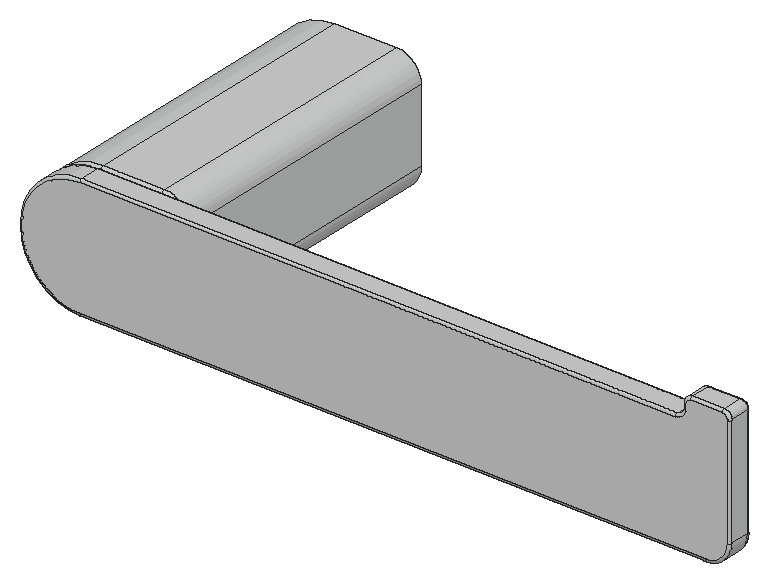
Revit family "ToiletRollHolder_SurfaceMount_Abey_Vela", category Specialty Equipment, Revit 2021
Family settings
  Round Connector Dimension = Use Diameter
  Part Type = Normal
  OmniClass Number = 23.31.25.21
  OmniClass Title = Toilet Paper Dispensers
  Work Plane-Based = No
  Always vertical = Yes
  Cut with Voids When Loaded = No
  Shared = No
  Room Calculation Point = No
Parameters (values of type "Chrome (VTRH)")
  Uniclass2015Version = "Products v1.33"
  Uniclass2015Title = "Paper roll dispensers"
  Uniclass2015Code = "Pr_40_70_22_61"
  URL = "https://www.abey.com.au/"
  Type Comments = "Chrome"
  ModifiedIssue = 20241025
  Model = "VTRH"
  ManufacturerURLProductSpecific = "https://www.abey.com.au/product/bathroom/bathroom-accessories/vela-bathroom-accessories/vela-toilet-roll-holder/?attribute_pa_finish=chrome"
  ManufacturerSpecCode = Model  # "VTRH"
  ManufacturerOverallWidth = 145 mm  # constant formula
  ManufacturerOverallHeight = 29 mm  # constant formula
  ManufacturerOverallDepth = 65 mm  # constant formula
  ManufacturerHeightFromFFL [instance] = 850 mm
  Manufacturer = "Abey"
  IfcExportType = "NOTDEFINED"
  IfcExportAs = "IfcFurniture"
  Description = "Vela Toilet Roll Holder Chrome"
  Default Elevation = 0 mm
  CreatedByURL = "https://igsgroup.com.au"
  CreatedBy = "IGS BIM Solutions"  # constant formula
  Material = Metal_Abey_Chrome
  Assembly Code = "C1030210"
Types (5, lengths in mm): name | Type Comments | Model | ManufacturerURLProductSpecific | ManufacturerSpecCode | Description | Material
  Chrome (VTRH) | "Chrome" | "VTRH" | "https://www.abey.com.au/product/bathroom/bathroom-accessories/vela-bathroom-accessories/vela-toilet-roll-holder/?attribute_pa_finish=chrome" | "VTRH" | "Vela Toilet Roll Holder Chrome" | Metal_Abey_Chrome
  Black (VTRH-B) | "Black" | "VTRH-B" | "https://www.abey.com.au/product/bathroom/bathroom-accessories/vela-bathroom-accessories/vela-toilet-roll-holder/?attribute_pa_finish=black" | "VTRH-B" | "Vela Toilet Roll Holder Black" | Metal_Abey_Black
  Brushed Brass (VTRH-BB) | "Brushed Brass" | "VTRH-BB" | "https://www.abey.com.au/product/bathroom/bathroom-accessories/vela-bathroom-accessories/vela-toilet-roll-holder/?attribute_pa_finish=brushed-brass" | "VTRH-BB" | "Vela Toilet Roll Holder Brushed Brass" | Metal_Abey_Brass
  Gun Metal (VTRH-GM) | "Gun Metal" | "VTRH-GM" | "https://www.abey.com.au/product/bathroom/bathroom-accessories/vela-bathroom-accessories/vela-toilet-roll-holder/?attribute_pa_finish=gun-metal" | "VTRH-GM" | "Vela Toilet Roll Holder Gun Metal" | Metal_Abey_GunMetal
  Brushed Nickel (VTRH-BN) | "Brushed Nickel" | "VTRH-BN" | "https://www.abey.com.au/product/bathroom/bathroom-accessories/vela-bathroom-accessories/vela-toilet-roll-holder/?attribute_pa_finish=brushed-nickel-pvd" | "VTRH-BN" | "Vela Toilet Roll Holder Brushed Nickel" | Metal_Abey_BrushedNickel
Reference planes
  plane 1 "Ref. Level": z = 0
  plane 2 "Right": x = -745
  plane 3 "Back": y = 43.5
  plane 4 "Front": y = -21.5
  plane 5 "Left": x = -890
  plane 6 "Bottom": z = 837.5
  plane 7 "MountingHeight": z = 850
  plane 8 "Top": z = 866.5
  plane 9 "Center (Left/Right)": x = -817.5
Forms (mm)
  Extrusion 1, solid, material "Metal_Abey_Chrome" <- "Material"
    sketch origin (-15, 43.5, 0) x (1, 0, 0) y (0, 0, 1)
      loop
        arc (-862.5, 862.5) -> (-875, 850) -> (-862.5, 837.5) r 12.5
        line (-862.5, 837.5) -> (-850, 837.5)
        arc (-850, 837.5) -> (-846.464, 838.964) -> (-845, 842.5) r 5
        line (-845, 842.5) -> (-845, 857.5)
        arc (-845, 857.5) -> (-846.464, 861.036) -> (-850, 862.5) r 5
        line (-850, 862.5) -> (-862.5, 862.5)
    from 0 to 60
  Sweep 2, void
    path origin (-15, -21.5, 0) x (1, 0, 0) y (0, 0, 1)
      loop
        line (-850, 862.5) -> (-862.5, 862.5)
        arc (-862.5, 862.5) -> (-875, 850) -> (-862.5, 837.5) r 12.5
        line (-862.5, 837.5) -> (-850, 837.5)
        arc (-850, 837.5) -> (-846.464, 838.964) -> (-845, 842.5) r 5
        line (-845, 842.5) -> (-845, 857.5)
        arc (-845, 857.5) -> (-846.464, 861.036) -> (-850, 862.5) r 5
    profile origin (-871.25, -21.5, 862.5) x (0, 0, -1) y (0, -1, 0)
      loop
        line (0, -5) -> (0, -6)
        arc (0, -6) -> (0.293, -5.293) -> (1, -5) r 1
        line (1, -5) -> (0, -5)
  Sweep 3, solid, material "Metal_Abey_Chrome" <- "Material"
    path origin (-15, -21.5, 0) x (1, 0, 0) y (0, 0, 1)
      loop
        line (-741, 862.5) -> (-862.5, 862.5)
        arc (-862.5, 862.5) -> (-875, 850) -> (-862.5, 837.5) r 12.5
        line (-862.5, 837.5) -> (-735, 837.5)
        arc (-735, 837.5) -> (-731.464, 838.964) -> (-730, 842.5) r 5
        line (-730, 842.5) -> (-730, 865)
        arc (-730, 865) -> (-730.439, 866.061) -> (-731.5, 866.5) r 1.5
        line (-731.5, 866.5) -> (-738, 866.5)
        arc (-738, 866.5) -> (-739.061, 866.061) -> (-739.5, 865) r 1.5
        line (-739.5, 865) -> (-739.5, 864)
        arc (-739.5, 864) -> (-739.939, 862.939) -> (-741, 862.5) r 1.5
    profile origin (-816.75, -21.5, 862.5) x (0, 0, -1) y (0, -1, 0)
      loop
        line (0, -0.5) -> (0, -4.5)
        arc (0, -4.5) -> (0.146, -4.854) -> (0.5, -5) r 0.5
        line (0.5, -5) -> (1.298, -5) -> (1.298, 0) -> (0.5, 0)
        arc (0.5, 0) -> (0.146, -0.146) -> (0, -0.5) r 0.5
  Extrusion 4, solid, material "Metal_Abey_Chrome" <- "Material"
    sketch origin (-15, -20.195, 0) x (1, 0, 0) y (0, 0, 1)
      loop
        arc (-730.798, 865.202) -> (-730.944, 865.556) -> (-731.298, 865.702) r 0.5
        line (-731.298, 865.702) -> (-738.202, 865.702)
        arc (-738.202, 865.702) -> (-738.556, 865.556) -> (-738.702, 865.202) r 0.5
        line (-738.702, 865.202) -> (-738.702, 864)
        arc (-738.702, 864) -> (-739.375, 862.375) -> (-741, 861.702) r 2.298
        line (-741, 861.702) -> (-862.5, 861.702)
        arc (-862.5, 861.702) -> (-874.202, 850) -> (-862.5, 838.298) r 11.702
        line (-862.5, 838.298) -> (-735, 838.298)
        arc (-735, 838.298) -> (-732.029, 839.529) -> (-730.798, 842.5) r 4.202
        line (-730.798, 842.5) -> (-730.798, 865.202)
    from -3.695 to 1.305
Cuts and joins
  Sweep 2 cuts Extrusion 1
  joined: Sweep 3, Extrusion 4
Lines and regions (mm)
  Masking region 1
    outline origin (0, 0, 866.5) x (-1, 0, 0) y (0, -1, 0)
      loop
        line (890, -43.5) -> (890, 15.975)
        arc (890, 15.975) -> (889.855, 16.338) -> (889.5, 16.5) r 0.525
        arc (889.5, 16.5) -> (889.854, 16.646) -> (890, 17) r 0.5
        line (890, 17) -> (890, 21)
        arc (890, 21) -> (889.854, 21.354) -> (889.5, 21.5) r 0.5
        line (889.5, 21.5) -> (745.5, 21.5)
        arc (745.5, 21.5) -> (745.146, 21.354) -> (745, 21) r 0.5
        line (745, 21) -> (745, 17)
        arc (745, 17) -> (745.146, 16.646) -> (745.5, 16.5) r 0.5
        line (745.5, 16.5) -> (861, 16.5)
        arc (861, 16.5) -> (860.293, 16.207) -> (860, 15.5) r 1
        line (860, 15.5) -> (860, -43.5) -> (890, -43.5)
  symbolic lines, style "Bathroom Fixtures", detail levels medium+fine
    curve 1: line (-889.5, -16.5, 866.5) -> (-860.5, -16.5, 866.5)
    curve 2: line (-774, -16.5, 912.5) -> (-746, -16.5, 912.5)
    curve 3: line (-754.5, -21, 866.5) -> (-754.5, -17, 866.5)
    curve 4: arc (-754, -16.5, 866.5) -> (-754.354, -16.646, 866.5) -> (-754.5, -17, 866.5) r 0.5
    curve 5: arc (-754.5, -21, 866.5) -> (-754.354, -21.354, 866.5) -> (-754, -21.5, 866.5) r 0.5
Text (mm)
  text "Disclaimer:\nDue to ongoing product development and manufacturing \nevolution, product details are subject to change without \nnotice. Please refer to product technical data sheets on \nthe manufacturers website for the most current product \ninformation. Please allow a +/- 5mm manufacturing \ntolerance for dimensions and set-outs shown in product \nliterature." at (-573.586, 177.396, 0), in view "Ref. Level"
Dimensions and locks
  "ManufacturerOverallDepth": plane 4 "Front" to plane 3 "Back"
  "ManufacturerOverallWidth": plane 5 "Left" to plane 2 "Right"
  "ManufacturerHeightFromFFL": plane 7 "MountingHeight" to plane 1 "Ref. Level"
  locked: plane 7 "MountingHeight" to plane 6 "Bottom" at 12.5
  "ManufacturerOverallHeight": plane 8 "Top" to plane 6 "Bottom"
  equal spacing: plane 5 "Left", plane 9 "Center (Left/Right)", plane 2 "Right"
  aligned and locked: level to plane 1 "Ref. Level"
Automatic sketch dimensions
  Extrusion 1 sketch curve to plane 6 "Bottom" = 0 mm
  Extrusion 1 sketch curve to Extrusion 1 sketch curve = 5 mm
  Extrusion 1 sketch curve to plane 6 "Bottom" = 5 mm
  plane 5 "Left" to Extrusion 1 sketch curve = 30 mm
  plane 5 "Left" to Extrusion 1 sketch curve = 12.5 mm
  plane 5 "Left" to Sweep 2 sketch curve = 25 mm
  Sweep 2 sketch curve to Sweep 2 sketch curve = 12.5 mm  (x2)
  Sweep 2 sketch curve to plane 6 "Bottom" = 5 mm
  Sweep 2 sketch curve to plane 6 "Bottom" = 0 mm
  curve 2 to plane 2 "Right" = 1 mm
  curve 2 to plane 4 "Front" = 5 mm
  curve 2 to curve 2 = 28 mm
  Sweep 2 sketch curve to profile plane = 0 mm
  Sweep 2 sketch curve to profile plane = 1 mm
  Sweep 2 sketch curve to plane 4 "Front" = 6 mm
  Extrusion 1 sketch curve to plane 7 "MountingHeight" = 0 mm
  Sweep 2 sketch curve to plane 7 "MountingHeight" = 0 mm
  Sweep 3 sketch curve to plane 7 "MountingHeight" = 0 mm
  Sweep 3 sketch curve to plane 6 "Bottom" = 0 mm
  Sweep 3 sketch curve to plane 8 "Top" = 0 mm
  Sweep 3 sketch curve to plane 2 "Right" = 0 mm
  Sweep 3 sketch curve to plane 2 "Right" = 1.5 mm
  Sweep 3 sketch curve to plane 2 "Right" = 5 mm
  Sweep 3 sketch curve to Sweep 3 sketch curve = 6.5 mm
  Sweep 3 sketch curve to Sweep 3 sketch curve = 1.5 mm  (x2)
  plane 5 "Left" to Sweep 3 sketch curve = 12.5 mm
  Sweep 3 sketch curve to profile plane = 0 mm  (x2)
  Sweep 3 sketch curve to profile plane = 0.5 mm  (x2)
  Sweep 3 sketch curve to Sweep 3 sketch curve = 0.798 mm
  Sweep 3 sketch curve to Sweep 3 sketch curve = 4 mm
  Extrusion 4 sketch curve to plane 7 "MountingHeight" = 0 mm
  plane 5 "Left" to Extrusion 4 sketch curve = 12.5 mm
  Extrusion 4 sketch curve to plane 8 "Top" = 2.5 mm
  Extrusion 4 sketch curve to plane 2 "Right" = 11 mm
  Extrusion 4 sketch curve to plane 8 "Top" = 1.298 mm
  Extrusion 4 sketch curve to Extrusion 4 sketch curve = 2.298 mm
  Extrusion 4 sketch curve to Extrusion 4 sketch curve = 0.5 mm
  Extrusion 4 sketch curve to plane 2 "Right" = 5 mm
  Extrusion 4 sketch curve to plane 2 "Right" = 1.298 mm
  Extrusion 4 sketch curve to plane 2 "Right" = 0.798 mm
  Masking region 1 sketch curve to plane 2 "Right" = 0 mm
  plane 4 "Front" to Masking region 1 sketch curve = 0 mm
  plane 3 "Back" to Masking region 1 sketch curve = 0 mm
  Masking region 1 sketch curve to plane 5 "Left" = 0 mm  (x2)
  Masking region 1 sketch curve to plane 2 "Right" = 0.5 mm  (x2)
  plane 5 "Left" to Masking region 1 sketch curve = 30 mm
  Masking region 1 sketch curve to Masking region 1 sketch curve = 1 mm
  plane 5 "Left" to Masking region 1 sketch curve = 0.525 mm
  plane 5 "Left" to Masking region 1 sketch curve = 0.5 mm  (x2)
  Masking region 1 sketch curve to plane 4 "Front" = 6 mm
  Masking region 1 sketch curve to Masking region 1 sketch curve = 5.025 mm
  plane 4 "Front" to curve 5 = 0 mm
  curve 4 to plane 2 "Right" = 9 mm
  curve 5 to plane 4 "Front" = 0.5 mm
  curve 5 to curve 4 = 0 mm
  curve 3 to curve 5 = 4 mm
  curve 1 to plane 4 "Front" = 5 mm
  plane 5 "Left" to curve 1 = 29.5 mm
  plane 5 "Left" to curve 1 = 0.5 mm
